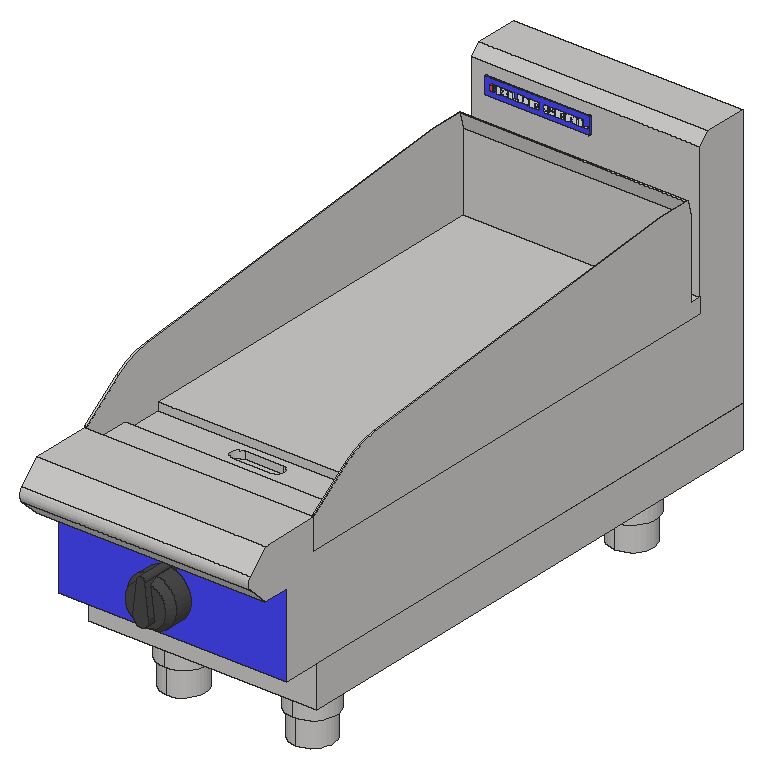
Revit family "QF_MOFFAT_BLUESEAL_CE_G512C-B", category Specialty Equipment, Revit 2012
Parameters
  Width = 300 mm  # constant formula
  Weight in Pounds = 103.6173
  URL Cutsheet = "www.moffat.com"
  URL = "www.moffat.com"
  Type Mark [instance] = ""
  Status [instance] = ""
  Specification by User [instance] = ""
  Specification by Manufacturer = ""
  Show Logo [instance] = yes
  Serial Number = ""
  Seismic Rating = ""
  SMACNA No = ""
  Revision Code [instance] = ""
  Omniclass Number and Title = ""
  NAFEM Spec ID Number = ""
  Model = "G512C-B"
  Mechanical Remarks [instance] = ""
  Mechanical Connection Type [instance] = ""
  Masterspec = ""
  Manufacturer = "MOFFAT BLUESEAL"
  Item Number [instance] = ""
  Installed By [instance] = ""
  Identify Quantity as Lot [instance] = yes
  Height = 485 mm  # constant formula
  Gas Size = 1/2"
  Gas RI Height [instance] = 0 mm
  Gas KW [instance] = 6
  Gas Input [instance] = 18800.0 Btu/h
  Gas Connection Height = 0 mm
  Furnished By [instance] = ""
  Foodservice Equipment Identifier [instance] = yes
  Description = "300MM GAS COOK TOP BENCH MOUNT"
  Depth = 812 mm  # constant formula
  CSI MasterFormat = ""
  CSI Master Format = ""
Reference planes
  plane 1 "BACK": y = 0
  plane 2: z = 0
  plane 3 "LEFT": x = 0
  plane 4 "RIGHT": x = 300
  plane 5 "FRONT": y = -812
  plane 6 "TOP": z = 370
  plane 7 "Center Y": x = 150
  plane 8 "Center X": y = -406
  plane 9: z = 485
  plane 10: z = 315
Forms (mm)
  Revolve 1, solid, material "QF_Finishes_Stainless Steel"
    sketch origin (234.5, -728, 0) x (0, 1, 0) y (0, 0, -1)
      loop
        line (71.25, -85) -> (103, -85) -> (103, 0) -> (75.5, 0) -> (75.5, -35) -> (71.25, -35) -> (71.25, -85)
      axis (103, -85) -> (103, 0)
    angle from 0 to 360
  Revolve 2, solid, material "QF_Finishes_Stainless Steel"
    sketch origin (234.5, -210, 0) x (0, 1, 0) y (0, 0, -1)
      loop
        line (78.25, -85) -> (110, -85) -> (110, 0) -> (82.5, 0) -> (82.5, -35) -> (78.25, -35) -> (78.25, -85)
      axis (110, -85) -> (110, 0)
    angle from 0 to 360
  Revolve 3, solid, material "QF_Finishes_Stainless Steel"
    sketch origin (65.5, -728, 0) x (0, 1, 0) y (0, 0, 1)
      loop
        line (71.25, 85) -> (71.25, 35) -> (75.5, 35) -> (75.5, 0) -> (103, 0) -> (103, 85) -> (71.25, 85)
      axis (103, 85) -> (103, 0)
    angle from 0 to 360
  Revolve 4, solid, material "QF_Finishes_Stainless Steel"
    sketch origin (65.5, -210, 0) x (0, 1, 0) y (0, 0, 1)
      loop
        line (78.25, 85) -> (78.25, 35) -> (82.5, 35) -> (82.5, 0) -> (110, 0) -> (110, 85) -> (78.25, 85)
      axis (110, 85) -> (110, 0)
    angle from 0 to 360
  Extrusion 5, solid, material "QF_Finishes_Stainless Steel"
    sketch origin (138.187, 3, -500) x (1, 0, 0) y (0, 1, 0)
      loop
        circle (65, -35) r 6.35
    from 555 to 585
  Revolve 6, solid, material "QF_Finishes_Black"
    sketch origin (150, 7, -0.127) x (0, 1, 0) y (0, 0, -1)
      loop
        line (-789, -229.5) -> (-766, -229.5) -> (-766, -202) -> (-756, -202) -> (-756, -197) -> (-800, -197) -> (-800, -223.651) -> (-789, -229.5)
      axis (-800, -197) -> (-756, -197)
    angle from 0 to 360
  Extrusion 7, solid, material "QF_Finishes_Black"
    sketch origin (288.27, 7, 0.031) x (-1, 0, 0) y (0, 0, -1)
      loop
        line (127.85, -186.163) -> (133.27, -229.082)
        arc (133.27, -229.082) -> (138.269, -233.969) -> (143.267, -229.082) r 5
        line (143.267, -229.082) -> (148.756, -184.996)
        arc (148.756, -184.996) -> (137.684, -174.498) -> (127.85, -186.163) r 10.487
    from 759 to 808
  Extrusion 8, solid, material "QF_Finishes_Stainless Steel"
    sketch origin (0, 0, 0) x (0, 1, 0) y (0, 0, 1)
      loop
        line (-784.97, 250) -> (-749, 250) -> (-749, 140) -> (0, 140) -> (0, 485) -> (-57.5, 485) -> (-70, 472.5) -> (-70, 275) -> (-705, 275) -> (-705, 315) -> (-783.97, 315) -> (-808.498, 290.472)
        arc (-808.498, 290.472) -> (-812.007, 282) -> (-808.498, 273.528) r 11.982
        line (-808.498, 273.528) -> (-784.97, 250)
      loop
        line (0, 85) -> (0, 139.206) -> (-699, 139.206) -> (-699, 85) -> (0, 85)
    from 0 to 300
Lines and regions (mm)
  Split face 1
    outline origin (0, 0, 485) x (0, -1, 0) y (1, 0, 0)
      loop
        arc (18.185, 36.013) -> (23.185, 27.353) -> (33.185, 27.353) r 10
        line (33.185, 27.353) -> (40.185, 31.394)
        arc (40.185, 31.394) -> (43.845, 35.055) -> (45.185, 40.055) r 10
        line (45.185, 40.055) -> (45.185, 268.013)
        arc (45.185, 268.013) -> (40.185, 276.674) -> (30.185, 276.674) r 10
        line (30.185, 276.674) -> (23.185, 272.632)
        arc (23.185, 272.632) -> (19.525, 268.972) -> (18.185, 263.972) r 10
        line (18.185, 263.972) -> (18.185, 36.013)
  symbolic lines
    curve 1: line (0, 0, 0) -> (0, -812, 0)
    curve 2: line (300, 0, 0) -> (0, 0, 0)
    curve 3: line (300, -812, 0) -> (300, 0, 0)
    curve 4: line (0, -70, 0) -> (300, -70, 0)
    curve 5: line (0, -812, 0) -> (300, -812, 0)
    curve 6: line (300, -705, 0) -> (0, -705, 0)
    curve 7: line (0, -586.95, 0) -> (300, -586.95, 0)
    curve 8: line (125, -597.7, 0) -> (175, -597.7, 0)
    curve 9: arc (175, -597.7, 0) -> (185, -607.7, 0) -> (175, -617.7, 0) r 10
    curve 10: line (175, -617.7, 0) -> (125, -617.7, 0)
    curve 11: arc (125, -617.7, 0) -> (115, -607.7, 0) -> (125, -597.7, 0) r 10
    curve 12: line (36.013, -18.185, 0) -> (263.972, -18.185, 0)
    curve 13: arc (263.972, -18.185, 0) -> (268.972, -19.525, 0) -> (272.632, -23.185, 0) r 10
    curve 14: line (272.632, -23.185, 0) -> (276.674, -30.185, 0)
    curve 15: arc (276.674, -30.185, 0) -> (276.674, -40.185, 0) -> (268.013, -45.185, 0) r 10
    curve 16: line (268.013, -45.185, 0) -> (40.055, -45.185, 0)
    curve 17: arc (40.055, -45.185, 0) -> (35.055, -43.845, 0) -> (31.394, -40.185, 0) r 10
    curve 18: line (31.394, -40.185, 0) -> (27.353, -33.185, 0)
    curve 19: arc (27.353, -33.185, 0) -> (27.353, -23.185, 0) -> (36.013, -18.185, 0) r 10
Dimensions and locks
  equal spacing: plane 3 "LEFT", plane 7 "Center Y", plane 4 "RIGHT"
  "Width": plane 3 "LEFT" to plane 4 "RIGHT"
  equal spacing: plane 5 "FRONT", plane 8 "Center X", plane 1 "BACK"
  "Depth": plane 5 "FRONT" to plane 1 "BACK"
  equal spacing: plane 4 "RIGHT", plane 7 "Center Y", plane 3 "LEFT"
  plane 4 "RIGHT" to plane 3 "LEFT" = 300 mm
  Extrusion 5 to level = 55 mm
  Extrusion 5 to plane 1 "BACK" = 32 mm
  plane 5 "FRONT" to plane 1 "BACK" = 812 mm
  "Height": plane 9 to level
  plane 10 to level = 315 mm
  aligned and locked: level to plane 2
  aligned and locked: curve 3 to plane 4 "RIGHT"
Automatic sketch dimensions
  plane 1 "BACK" to curve 1 = 0 mm
  curve 1 to plane 3 "LEFT" = 0 mm
  plane 5 "FRONT" to curve 5 = 0 mm
  plane 3 "LEFT" to curve 19 = 27.353 mm
  curve 18 to curve 17 = 4.041 mm
  curve 19 to curve 12 = 8.66 mm
  curve 18 to curve 17 = 8.66 mm
  curve 8 to plane 7 "Center Y" = 25 mm
  plane 7 "Center Y" to curve 10 = 25 mm
  curve 13 to curve 15 = 4.041 mm
  curve 13 to curve 13 = 8.66 mm
  curve 13 to curve 14 = 4.041 mm
  curve 6 to plane 5 "FRONT" = 107 mm
  curve 6 to curve 9 = 87.3 mm
  curve 9 to curve 9 = 10 mm
  curve 6 to curve 7 = 118.05 mm
  plane 1 "BACK" to curve 4 = 70 mm
  plane 1 "BACK" to curve 17 = 45.185 mm
  curve 16 to curve 17 = 5 mm
  curve 16 to curve 15 = 10 mm
  curve 17 to curve 19 = 7 mm  (x2)
  curve 15 to curve 13 = 7 mm
  Revolve 1 sketch curve to level = 0 mm
  level to Revolve 1 sketch curve = 35 mm
  Revolve 1 sketch curve to plane 5 "FRONT" = 155.25 mm
  Revolve 1 sketch curve to Revolve 1 sketch curve = 4.25 mm
  Revolve 1 sketch curve to Revolve 1 sketch curve = 27.5 mm
  Revolve 1 sketch curve to Revolve 1 sketch curve = 0 mm
  Revolve 1 sketch curve to Revolve 1 sketch curve = 15 mm
  Revolve 1 sketch curve to Revolve 1 sketch curve = 35 mm
  Revolve 1 sketch curve to Revolve 1 sketch curve = 55 mm
  Revolve 2 sketch curve to level = 0 mm
  level to Revolve 2 sketch curve = 35 mm
  plane 1 "BACK" to Revolve 2 sketch curve = 131.75 mm
  Revolve 2 sketch curve to Revolve 2 sketch curve = 4.25 mm
  Revolve 2 sketch curve to Revolve 2 sketch curve = 27.5 mm  (x2)
  Revolve 2 sketch curve to Revolve 2 sketch curve = 15 mm
  Revolve 2 sketch curve to Revolve 2 sketch curve = 35 mm
  Revolve 2 sketch curve to Revolve 2 sketch curve = 55 mm
  Revolve 3 sketch curve to level = 0 mm
  level to Revolve 3 sketch curve = 35 mm
  Revolve 3 sketch curve to plane 5 "FRONT" = 155.25 mm
  Revolve 3 sketch curve to Revolve 3 sketch curve = 4.25 mm
  Revolve 3 sketch curve to Revolve 3 sketch curve = 27.5 mm  (x2)
  Revolve 3 sketch curve to Revolve 3 sketch curve = 55 mm
  Revolve 3 sketch curve to Revolve 3 sketch curve = 15 mm
  Revolve 3 sketch curve to Revolve 3 sketch curve = 35 mm
  Revolve 4 sketch curve to level = 0 mm
  level to Revolve 4 sketch curve = 35 mm
  plane 1 "BACK" to Revolve 4 sketch curve = 131.75 mm
  Revolve 4 sketch curve to Revolve 4 sketch curve = 4.25 mm
  Revolve 4 sketch curve to Revolve 4 sketch curve = 27.5 mm  (x2)
  Revolve 4 sketch curve to Revolve 4 sketch curve = 55 mm
  Revolve 4 sketch curve to Revolve 4 sketch curve = 15 mm
  Revolve 4 sketch curve to Revolve 4 sketch curve = 35 mm
  plane 1 "BACK" to Extrusion 5 sketch curve = 32 mm
  Revolve 6 sketch curve to plane 5 "FRONT" = 19 mm
  Revolve 6 sketch curve to Revolve 6 sketch curve = 0 mm  (x2)
  Revolve 6 sketch curve to Revolve 6 sketch curve = 11 mm
  Revolve 6 sketch curve to Revolve 6 sketch curve = 12.7 mm
  Revolve 6 sketch curve to Revolve 6 sketch curve = 23 mm
  Revolve 6 sketch curve to Revolve 6 sketch curve = 10 mm
  Revolve 6 sketch curve to plane 10 = 85.627 mm
  Revolve 6 sketch curve to Revolve 6 sketch curve = 5.849 mm
  Revolve 6 sketch curve to Revolve 6 sketch curve = 27.5 mm
  Revolve 6 sketch curve to Revolve 6 sketch curve = 5 mm
  Extrusion 7 sketch curve to Extrusion 7 sketch curve = 10.419 mm
  Extrusion 7 sketch curve to Extrusion 7 sketch curve = 4.999 mm  (x2)
  Extrusion 7 sketch curve to Extrusion 7 sketch curve = 10.487 mm
  Extrusion 7 sketch curve to plane 10 = 85.887 mm
  Extrusion 7 sketch curve to Extrusion 7 sketch curve = 0.113 mm
  Extrusion 7 sketch curve to Extrusion 7 sketch curve = 42.919 mm
  Extrusion 7 sketch curve to Extrusion 7 sketch curve = 1.167 mm
  Extrusion 8 sketch curve to plane 10 = 0 mm
  plane 9 to Extrusion 8 sketch curve = 0 mm
  Extrusion 8 sketch curve to plane 1 "BACK" = 0 mm  (x2)
  plane 1 "BACK" to Extrusion 8 sketch curve = 57.5 mm
  plane 9 to Extrusion 8 sketch curve = 12.5 mm
  Extrusion 8 sketch curve to Extrusion 8 sketch curve = 12.5 mm
  Extrusion 8 sketch curve to plane 5 "FRONT" = 113 mm
  Extrusion 8 sketch curve to plane 5 "FRONT" = 107 mm
  Extrusion 8 sketch curve to Extrusion 8 sketch curve = 50 mm
  Extrusion 8 sketch curve to plane 5 "FRONT" = 28.03 mm
  Extrusion 8 sketch curve to plane 5 "FRONT" = 27.03 mm
  Extrusion 8 sketch curve to plane 5 "FRONT" = 11.975 mm
  Extrusion 8 sketch curve to plane 5 "FRONT" = 3.502 mm  (x2)
  Extrusion 8 sketch curve to plane 10 = 24.528 mm
  Extrusion 8 sketch curve to Extrusion 8 sketch curve = 8.472 mm
  Extrusion 8 sketch curve to Extrusion 8 sketch curve = 40 mm
  Extrusion 8 sketch curve to Extrusion 8 sketch curve = 23.528 mm
  Extrusion 8 sketch curve to Extrusion 8 sketch curve = 110 mm
  Extrusion 8 sketch curve to Extrusion 8 sketch curve = 0.794 mm
  Extrusion 8 sketch curve to Extrusion 8 sketch curve = 54.206 mm
  Split face 1 sketch curve to Extrusion 8 = 18.185 mm
  Split face 1 sketch curve to Split face 1 sketch curve = 5 mm  (x3)
  Split face 1 sketch curve to Split face 1 sketch curve = 10 mm  (x2)
  Split face 1 sketch curve to Split face 1 sketch curve = 7 mm  (x4)
  Split face 1 sketch curve to Extrusion 8 = 27.353 mm
  Split face 1 sketch curve to Split face 1 sketch curve = 4.041 mm  (x2)
  Split face 1 sketch curve to Extrusion 8 = 36.028 mm
  plane 4 "RIGHT" to curve 13 = 36.028 mm
  plane 7 "Center Y" to Extrusion 5 sketch curve = 53.188 mm
  plane 7 "Center Y" to Extrusion 7 sketch curve = 10.42 mm
  Extrusion 7 sketch curve to Extrusion 7 sketch curve = 5.421 mm
  radius of Extrusion 5 sketch curve = 6.35 mm
Nested families
  nested 1: "WALDORF LOGO_FACE BASE" at (18.6, -70, 458.604) x (1, 0, 0) z (0, -1, 0), visible <- "Show Logo", type "WALDORF LOGO_FACE BASE", detail levels medium+fine
    with Show Logo yes
  nested 2: "GAS GRIDDLE PLATE 300" at (0, -85, 274.5), type "GAS GRIDDLE PLATE 300"
    with Width 300 mm, Type Mark "", Status "", Specification by User "", Revision Code "", Item Number "", Installed By "", Identify Quantity as Lot yes, Furnished By "", Foodservice Equipment Identifier yes, Depth 620 mm
Connectors
  piping at (203.188, -32, 55)
    settings: on Extrusion 5, index 1, connector radius 0.25197", flow factor 0, pipe flow 0 GPM, pressure drop 0.00 psi, fitting loss kfactor 0, connector angle 0.00°, fixture units 0, engagement length 0 mm, flow configuration 1, flow direction 1, fitting loss method 0, system type 7, joint type 0, gender type 0, connector reference index -1, connector utility 0, adjustable connector no, is connector primary yes, fitting loss table "", connector description "GAS CONNECTION"
Definition of nested family "WALDORF LOGO_FACE BASE"
  Parameters (values of type "WALDORF LOGO_FACE BASE")
    Show Logo [instance] = yes
    Default Elevation = 1219.2 mm
  Reference planes
    plane 1 "Center (Front/Back)": y = 0
    plane 2: z = 0
    plane 3 "Center (Left/Right)": x = 0
  Forms (mm)
    Extrusion 1, solid
      sketch origin (0, 0, 0) x (1, 0, 0) y (0, 1, 0)
        loop
          line (-1219.2, 1219.2) -> (-1219.2, -1219.2) -> (1219.2, -1219.2) -> (1219.2, 1219.2) -> (-1219.2, 1219.2)
      from 0 to -304.8
    Extrusion 2, solid, material "QF_Finishes_Blue", visible <- "Show Logo"
      sketch origin (0, -33.217, 0) x (1, 0, 0) y (0, 1, 0)
        loop
          arc (138, 31.942) -> (137.626, 32.844) -> (136.724, 33.217) r 1.276
          line (136.724, 33.217) -> (1.29, 33.217)
          arc (1.29, 33.217) -> (0.378, 32.839) -> (0, 31.927) r 1.29
          line (0, 31.927) -> (0, 11.507)
          arc (0, 11.507) -> (0.378, 10.595) -> (1.29, 10.217) r 1.29
          line (1.29, 10.217) -> (136.71, 10.217)
          arc (136.71, 10.217) -> (137.622, 10.595) -> (138, 11.507) r 1.29
          line (138, 11.507) -> (138, 31.942)
      from 0 to 1.588
    Extrusion 3, solid, material "QF_Finishes_White", visible <- "Show Logo"
      sketch origin (0, -33.217, 1.588) x (1, 0, 0) y (0, 1, 0)
        loop
          arc (108.946, 25.919) -> (107.613, 25.367) -> (107.061, 24.034) r 1.885
          line (107.061, 24.034) -> (107.061, 17.211) -> (112.704, 17.211) -> (112.704, 19.129) -> (115.546, 19.129) -> (115.546, 17.211) -> (121.584, 17.211) -> (121.584, 24.075)
          arc (121.584, 24.075) -> (121.043, 25.379) -> (119.739, 25.919) r 1.845
          line (119.739, 25.919) -> (108.946, 25.919)
        loop
          line (123.478, 25.919) -> (123.478, 17.163) -> (134.904, 17.163) -> (134.904, 19.129) -> (129.246, 19.129) -> (129.246, 25.919) -> (123.478, 25.919)
        loop
          line (112.704, 21.258) -> (115.546, 21.258) -> (115.546, 22.702)
          arc (115.546, 22.702) -> (115.344, 23.188) -> (114.858, 23.389) r 0.687
          line (114.858, 23.389) -> (113.363, 23.389)
          arc (113.363, 23.389) -> (112.897, 23.196) -> (112.704, 22.73) r 0.658
          line (112.704, 22.73) -> (112.704, 21.258)
        loop
          line (105.071, 25.919) -> (93.771, 25.919) -> (93.771, 17.163) -> (105.071, 17.163) -> (105.071, 19.063) -> (99.535, 19.063) -> (99.535, 20.437) -> (105.071, 20.437) -> (105.071, 22.278) -> (99.535, 22.278) -> (99.535, 23.587) -> (105.071, 23.587) -> (105.071, 25.919)
        loop
          line (91.104, 25.919) -> (79.541, 25.919)
          arc (79.541, 25.919) -> (78.558, 25.513) -> (78.152, 24.53) r 1.389
          line (78.152, 24.53) -> (78.152, 22.08)
          arc (78.152, 22.08) -> (78.558, 21.098) -> (79.541, 20.691) r 1.389
          line (79.541, 20.691) -> (86.346, 20.691) -> (86.346, 18.864) -> (83.266, 18.864) -> (83.266, 19.664) -> (78.152, 19.664) -> (78.152, 18.553)
          arc (78.152, 18.553) -> (78.558, 17.57) -> (79.541, 17.163) r 1.389
          line (79.541, 17.163) -> (91.063, 17.163)
          arc (91.063, 17.163) -> (92.045, 17.57) -> (92.452, 18.553) r 1.389
          line (92.452, 18.553) -> (92.452, 20.691)
          arc (92.452, 20.691) -> (92.045, 21.673) -> (91.063, 22.08) r 1.389
          line (91.063, 22.08) -> (83.266, 22.08) -> (83.266, 23.984) -> (86.346, 23.984) -> (86.346, 22.743) -> (92.452, 22.743) -> (92.452, 24.571)
          arc (92.452, 24.571) -> (92.057, 25.524) -> (91.104, 25.919) r 1.348
        loop
          line (70.705, 25.919) -> (59.405, 25.919) -> (59.405, 17.163) -> (70.705, 17.163) -> (70.705, 19.063) -> (65.169, 19.063) -> (65.169, 20.437) -> (70.705, 20.437) -> (70.705, 22.278) -> (65.169, 22.278) -> (65.169, 23.587) -> (70.705, 23.587) -> (70.705, 25.919)
        loop
          line (57.598, 25.919) -> (51.7, 25.919) -> (51.7, 20.18)
          arc (51.7, 20.18) -> (50.63, 19.11) -> (49.56, 20.18) r 1.07
          line (49.56, 20.18) -> (49.56, 25.919) -> (43.663, 25.919) -> (43.663, 19.049)
          arc (43.663, 19.049) -> (44.215, 17.716) -> (45.548, 17.163) r 1.885
          line (45.548, 17.163) -> (55.71, 17.163)
          arc (55.71, 17.163) -> (57.045, 17.716) -> (57.598, 19.051) r 1.887
          line (57.598, 19.051) -> (57.598, 25.919)
        loop
          line (31.62, 25.919) -> (31.62, 17.163) -> (43.046, 17.163) -> (43.046, 19.129) -> (37.388, 19.129) -> (37.388, 25.919) -> (31.62, 25.919)
        loop
          line (15.969, 25.919) -> (15.969, 17.163) -> (28.693, 17.163)
          arc (28.693, 17.163) -> (29.812, 17.627) -> (30.276, 18.746) r 1.582
          line (30.276, 18.746) -> (30.276, 20.447) -> (29.48, 21.243) -> (30.276, 22.039) -> (30.276, 24.332)
          arc (30.276, 24.332) -> (29.811, 25.454) -> (28.688, 25.919) r 1.587
          line (28.688, 25.919) -> (15.969, 25.919)
        loop
          line (21.449, 24.159) -> (21.449, 22.436) -> (23.862, 22.436)
          arc (23.862, 22.436) -> (24.723, 23.298) -> (23.862, 24.159) r 0.861
          line (23.862, 24.159) -> (21.449, 24.159)
        loop
          line (21.449, 20.244) -> (21.449, 18.522) -> (23.862, 18.522)
          arc (23.862, 18.522) -> (24.723, 19.383) -> (23.862, 20.244) r 0.861
          line (23.862, 20.244) -> (21.449, 20.244)
      from 0 to 0.2
    Extrusion 4, solid, material "QF_Finishes_Blue", visible <- "Show Logo"
      sketch origin (-126.498, -31.09, 1.588) x (1, 0, 0) y (0, 1, 0)
        loop
          line (136.738, 23.522) -> (136.738, 15.1)
          arc (136.738, 15.1) -> (140.756, 19.311) -> (136.738, 23.522) r 4.216
      from 0 to 0.2
    Extrusion 5, solid, material "QF_Finishes_Red", visible <- "Show Logo"
      sketch origin (146.849, -31.09, 1.588) x (-1, 0, 0) y (0, -1, 0)
        loop
          arc (136.738, -23.522) -> (140.756, -19.311) -> (136.738, -15.1) r 4.216
          line (136.738, -15.1) -> (136.738, -23.522)
      from 0 to 0.2
  Lines and regions (mm)
    Split face 1
      outline origin (-90.35, -30.793, 1.588) x (1, 0, 0) y (0, 1, 0)
        loop
          circle (100.54, 19.013) r 4.536
  Dimensions and locks
    aligned and locked: plane 2 to Extrusion 1
    aligned and locked: level to Extrusion 1
Definition of nested family "GAS GRIDDLE PLATE 300"
  Parameters (values of type "GAS GRIDDLE PLATE 300")
    Width [instance] = 300 mm
    Weight in Pounds = 0
    URL Cutsheet = ""
    Type Mark [instance] = ""
    Status [instance] = ""
    Specification by User [instance] = ""
    Specification by Manufacturer = ""
    Serial Number = ""
    Seismic Rating = ""
    SMACNA No = ""
    Revision Code [instance] = ""
    Omniclass Number and Title = ""
    NAFEM Spec ID Number = ""
    Masterspec = ""
    Item Number [instance] = ""
    Installed By [instance] = ""
    Identify Quantity as Lot [instance] = yes
    Furnished By [instance] = ""
    Foodservice Equipment Identifier [instance] = yes
    Depth [instance] = 620 mm
    CSI MasterFormat = ""
    CSI Master Format = ""
  Reference planes
    plane 1 "BACK": y = 0
    plane 2: z = 0
    plane 3 "LEFT": x = 0
    plane 4 "RIGHT": x = 300
    plane 5 "FRONT": y = -620
    plane 6 "TOP": z = 142.5
    plane 7 "Center Y": x = 150
    plane 8 "Center X": y = -310
    plane 9: y = -530.997
    plane 10: y = -541.497
    plane 11: y = -503.25
    plane 12: y = -557.737
  Forms (mm)
    Extrusion 1, solid, material "QF_Finishes_Stainless Steel"
      sketch origin (0, 70.003, -874.5) x (0, 1, 0) y (0, 0, 1)
        loop
          line (-70, 875) -> (-70, 997.489) -> (-75.228, 1017) -> (-117.24, 1017) -> (-589.533, 971.523)
          arc (-589.533, 971.523) -> (-614.56, 965.803) -> (-637.306, 953.899) r 100
          line (-637.306, 953.899) -> (-690.003, 917) -> (-690.003, 875) -> (-70, 875)
      from 0 to 1.8
    Extrusion 2, solid, material "QF_Finishes_Stainless Steel"
      sketch origin (600, 70.003, -874.5) x (0, -1, 0) y (0, 0, 1)
        loop
          line (70, 875) -> (690.003, 875) -> (690.003, 917) -> (637.306, 953.899)
          arc (637.306, 953.899) -> (614.56, 965.803) -> (589.533, 971.523) r 100
          line (589.533, 971.523) -> (117.24, 1017) -> (75.228, 1017) -> (70, 997.489) -> (70, 875)
      from 300 to 301.2
    Extrusion 3, solid, material "QF_Finishes_Stainless Steel"
      sketch origin (150, 70.003, -874.5) x (0, 1, 0) y (0, 0, 1)
        loop
          line (-55, 895) -> (-573.253, 895) -> (-573.253, 884.5) -> (-627.74, 884.5) -> (-627.74, 895) -> (-690.003, 895) -> (-690.003, 875) -> (-55, 875) -> (-55, 895)
      from -148.2 to 150
    Extrusion 4, void
      sketch origin (150, -541.497, 10) x (0, -1, 0) y (1, 0, 0)
        loop
          arc (-7.497, 25) -> (-17.497, 35) -> (-27.497, 25) r 10
          line (-27.497, 25) -> (-27.497, -25)
          arc (-27.497, -25) -> (-17.497, -35) -> (-7.497, -25) r 10
          line (-7.497, -25) -> (-7.497, 25)
      from -41.4 to 40.142
    Extrusion 5, solid, material "QF_Finishes_Stainless Steel"
      sketch origin (0, 70.003, -874.5) x (0, 1, 0) y (0, 0, 1)
        loop
          line (-70, 875) -> (-70, 997.489) -> (-75.228, 1017) -> (-76.884, 1017) -> (-71.6, 997.278) -> (-71.6, 875) -> (-70, 875)
      from 0 to 298.8
  Cuts and joins
    Extrusion 4 cuts Extrusion 3
    joined: Extrusion 1, Extrusion 2, Extrusion 3, Extrusion 5
  Lines and regions (mm)
    symbolic lines
      curve 1: line (300, -503.25, 0) -> (0, -503.25, 0)
      curve 2: line (0, -557.737, 0) -> (300, -557.737, 0)
      curve 3: line (0, -1.68, 0) -> (300, -1.68, 0)
      curve 4: line (300, -1.68, 0) -> (300, -620, 0)
      curve 5: line (0, -620, 0) -> (0, -1.68, 0)
      curve 6: line (0, -620, 0) -> (300, -620, 0)
      curve 7: arc (175, -534, 0) -> (185, -524, 0) -> (175, -514, 0) r 10
      curve 8: line (175, -514, 0) -> (125, -514, 0)
      curve 9: arc (125, -514, 0) -> (115, -524, 0) -> (125, -534, 0) r 10
      curve 10: line (125, -534, 0) -> (175, -534, 0)
  Dimensions and locks
    equal spacing: plane 3 "LEFT", plane 7 "Center Y", plane 4 "RIGHT"
    "Width": plane 3 "LEFT" to plane 4 "RIGHT"
    equal spacing: plane 5 "FRONT", plane 8 "Center X", plane 1 "BACK"
    "Depth": plane 5 "FRONT" to plane 1 "BACK"
    locked: Extrusion 2 to Extrusion 2 at 1.2
    equal spacing: Extrusion 4 sketch curve, plane 7 "Center Y", Extrusion 4 sketch curve, locked at 35 each
    aligned and locked: level to plane 2
    aligned and locked: Extrusion 2 to plane 4 "RIGHT"
    aligned and locked: curve 1 to plane 11
    aligned and locked: plane 12 to curve 2
    aligned and locked: Extrusion 5 to cut or joined group of Extrusion 1, Extrusion 2, Extrusion 3, Extrusion 4, Extrusion 5
  Automatic sketch dimensions
    Extrusion 1 sketch curve to plane 5 "FRONT" = 0 mm
    Extrusion 1 sketch curve to plane 6 "TOP" = 0 mm
    plane 12 to Extrusion 1 sketch curve = 9.566 mm
    plane 11 to Extrusion 1 sketch curve = 16.28 mm
    Extrusion 1 sketch curve to level = 2.516 mm
    plane 11 to Extrusion 1 sketch curve = 6.695 mm
    plane 1 "BACK" to Extrusion 1 sketch curve = 47.237 mm
    plane 1 "BACK" to Extrusion 1 sketch curve = 5.225 mm
    Extrusion 1 sketch curve to plane 1 "BACK" = 0.003 mm
    level to Extrusion 1 sketch curve = 0.5 mm
    Extrusion 1 sketch curve to Extrusion 1 sketch curve = 42 mm
    Extrusion 1 sketch curve to plane 6 "TOP" = 63.101 mm
    Extrusion 1 sketch curve to plane 6 "TOP" = 19.511 mm
    Extrusion 2 sketch curve to plane 6 "TOP" = 0 mm
    Extrusion 2 sketch curve to plane 5 "FRONT" = 0 mm
    plane 12 to Extrusion 2 sketch curve = 9.566 mm
    plane 11 to Extrusion 2 sketch curve = 16.28 mm
    Extrusion 2 sketch curve to level = 2.516 mm
    plane 11 to Extrusion 2 sketch curve = 6.695 mm
    plane 1 "BACK" to Extrusion 2 sketch curve = 47.237 mm
    plane 1 "BACK" to Extrusion 2 sketch curve = 5.225 mm
    Extrusion 2 sketch curve to plane 1 "BACK" = 0.003 mm
    level to Extrusion 2 sketch curve = 0.5 mm
    Extrusion 2 sketch curve to Extrusion 2 sketch curve = 42 mm
    Extrusion 2 sketch curve to plane 6 "TOP" = 63.101 mm
    Extrusion 2 sketch curve to plane 6 "TOP" = 19.511 mm
    Extrusion 3 sketch curve to plane 5 "FRONT" = 0 mm
    Extrusion 3 sketch curve to plane 12 = 0 mm
    Extrusion 3 sketch curve to plane 11 = 0 mm
    Extrusion 3 sketch curve to plane 1 "BACK" = 15.003 mm
    level to Extrusion 3 sketch curve = 0.5 mm
    level to Extrusion 3 sketch curve = 10 mm
    Extrusion 3 sketch curve to Extrusion 3 sketch curve = 10.5 mm  (x2)
    plane 11 to Extrusion 4 sketch curve = 10.75 mm
    Extrusion 4 sketch curve to Extrusion 4 sketch curve = 10 mm
    Extrusion 4 sketch curve to plane 7 "Center Y" = 25 mm
    plane 1 "BACK" to Extrusion 5 sketch curve = 5.225 mm
    Extrusion 5 sketch curve to plane 1 "BACK" = 0.003 mm
    Extrusion 5 sketch curve to plane 6 "TOP" = 19.511 mm
    Extrusion 5 sketch curve to Extrusion 5 sketch curve = 1.6 mm
    Extrusion 5 sketch curve to Extrusion 5 sketch curve = 0.211 mm
    Extrusion 5 sketch curve to plane 6 "TOP" = 0 mm
    Extrusion 5 sketch curve to Extrusion 5 sketch curve = 1.656 mm
    level to Extrusion 5 sketch curve = 0.5 mm
    curve 6 to plane 3 "LEFT" = 0 mm
    curve 4 to plane 4 "RIGHT" = 0 mm
    plane 5 "FRONT" to curve 6 = 0 mm
    plane 11 to curve 8 = 10.75 mm
    curve 8 to plane 7 "Center Y" = 25 mm
    plane 7 "Center Y" to curve 7 = 25 mm
    curve 10 to curve 7 = 20 mm
    plane 1 "BACK" to curve 3 = 1.68 mm
